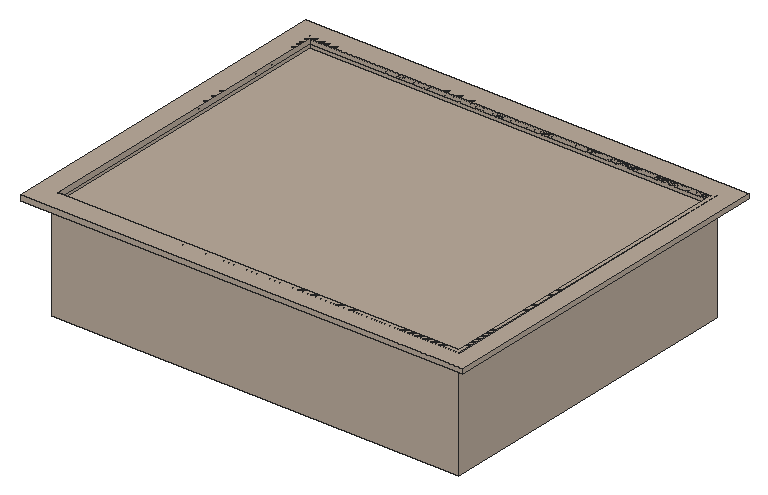
Revit family "Geräteeinsätze GES_Geräteeinsatz_Revisionsabdeckung ZES6", category Generic Models, Revit 2015
Parameters (values of type "ZES6-2 U10T 1019")
  URL = "http://www.obo-bettermann.com"
  Material = Plastic RAL 1019
  Manufacturer Art. No. = "7406751"
  Manufacturer = "OBO Bettermann"
  Height = 65 mm
  GTIN = "4012195901143"
  Article Type = "ZES6-2 U10T 1019"
Types (4, lengths in mm): name | Material | Manufacturer Art. No. | GTIN | Article Type
  (no name) | Plastic RAL 1019 | "7406751" | "4012195901143" | "ZES6-2 U10T 1019"
  ZES6-2 U10T 9011 | Plastic RAL 9011 | "7406750" | "4012195901136" | "ZES6-2 U10T 9011"
  ZES6-2 U10T 7011 | Plastic RAL 7011 | "7406749" | "4012195901129" | "ZES6-2 U10T 7011"
  ZES6-2 U10T 1019 | Plastic RAL 1019 | "7406751" | "4012195901143" | "ZES6-2 U10T 1019"
Reference planes
  plane 1 "Center (Front/Back)": y = 0
  plane 2: z = 0
  plane 3 "Center (Left/Right)": x = 0
  plane 4: z = -65
  plane 5: x = -136.96
  plane 6: x = 136.96
  plane 7: y = 110.5
  plane 8: y = -110.5
  plane 9: z = 3
  plane 10: y = 99.5
  plane 11: y = -99.5
  plane 12: x = -125.96
  plane 13: x = 125.96
  plane 14: y = 97.5
  plane 15: x = -123.96
  plane 16: x = 123.96
  plane 17: z = -2
  plane 18: x = -104.96
  plane 19: x = 104.96
  plane 20: y = -78.5
  plane 21: y = 78.5
  plane 22: z = -9
  plane 23: y = -118
  plane 24: y = -97.5
Forms (mm)
  Extrusion 1, solid, material "Plastic RAL 1019" <- "Material"
    sketch origin (0, 0, 0) x (1, 0, 0) y (0, 1, 0)
      loop
        line (-136.96, 110.5) -> (-136.96, -110.5) -> (136.96, -110.5) -> (136.96, 110.5) -> (-136.96, 110.5)
    from 3 to 0
  Extrusion 2, solid, material "Plastic RAL 1019" <- "Material"
    sketch origin (0, 0, 0) x (1, 0, 0) y (0, 1, 0)
      loop
        line (-125.96, 99.5) -> (-125.96, -99.5) -> (125.96, -99.5) -> (125.96, 99.5) -> (-125.96, 99.5)
    from -65 to 3
  Extrusion 3, void
    sketch origin (0, 0, 0) x (1, 0, 0) y (0, 1, 0)
      loop
        line (104.96, 78.5) -> (-104.96, 78.5) -> (-104.96, -78.5) -> (104.96, -78.5) -> (104.96, 78.5)
    from -65 to -9
  Extrusion 4, void
    sketch origin (0, 0, 0) x (1, 0, 0) y (0, 1, 0)
      loop
        line (123.96, 97.5) -> (-123.96, 97.5) -> (-123.96, -97.5) -> (123.96, -97.5) -> (123.96, 97.5)
    from -2 to 3
Cuts and joins
  Extrusion 3, Extrusion 4 cuts Extrusion 1
  Extrusion 3, Extrusion 4 cuts Extrusion 2
Lines and regions (mm)
  model lines
    curve 1: line (-136.96, -110.5, 0) -> (-136.96, 110.5, 0)
    curve 2: line (-136.96, 110.5, 0) -> (136.96, 110.5, 0)
    curve 3: line (136.96, 110.5, 0) -> (136.96, -110.5, 0)
    curve 4: line (136.96, -110.5, 0) -> (-136.96, -110.5, 0)
    curve 5: line (-125.96, 99.5, 0) -> (125.96, 99.5, 0)
    curve 6: line (125.96, 99.5, 0) -> (125.96, -99.5, 0)
    curve 7: line (125.96, -99.5, 0) -> (-125.96, -99.5, 0)
    curve 8: line (-125.96, -99.5, 0) -> (-125.96, 99.5, 0)
    curve 9: line (-123.96, 97.5, 0) -> (123.96, 97.5, 0)
    curve 10: line (123.96, 97.5, 0) -> (123.96, -97.5, 0)
    curve 11: line (-123.96, -97.5, 0) -> (-123.96, 97.5, 0)
    curve 12: line (-104.96, 78.5, 0) -> (-104.96, -78.5, 0)
    curve 13: line (-104.96, -78.5, 0) -> (104.96, -78.5, 0)
    curve 14: line (104.96, -78.5, 0) -> (104.96, 78.5, 0)
    curve 15: line (104.96, 78.5, 0) -> (-104.96, 78.5, 0)
    curve 16: line (-66.46, -118, 0) -> (-65.46, -118, 0)
    curve 17: line (-123.96, -97.5, 0) -> (123.96, -97.5, 0)
Dimensions and locks
  "Height": plane 4 to level
  locked: level to plane 9 at 3
  locked: plane 17 to plane 9 at 5
  locked: plane 22 to plane 9 at 12
  locked: plane 5 to plane 6 at 273.92
  locked: plane 7 to plane 8 at 221
  equal spacing: plane 12, plane 3 "Center (Left/Right)", plane 13
  locked: plane 12 to plane 13 at 251.92
  equal spacing: plane 10, plane 1 "Center (Front/Back)", plane 11
  locked: plane 10 to plane 11 at 199
  locked: plane 12 to plane 18 at 21
  locked: plane 19 to plane 13 at 21
  locked: plane 10 to plane 21 at 21
  locked: plane 7 to plane 14 at 13
  locked: plane 16 to plane 6 at 13
  locked: plane 5 to plane 15 at 13
  locked: plane 8 to plane 24 at 13
  locked: plane 20 to plane 11 at 21
  equal spacing: plane 7, plane 1 "Center (Front/Back)", plane 8
  locked: plane 6 to curve 6 at 11
  equal spacing: plane 5, plane 3 "Center (Left/Right)", plane 6
  aligned and locked: level to plane 2
  aligned and locked: plane 5 to curve 1
  aligned and locked: curve 2 to plane 7
  aligned and locked: curve 3 to plane 6
  aligned and locked: plane 8 to curve 4
  aligned and locked: Extrusion 1 sketch curve to curve 2
  aligned and locked: Extrusion 1 sketch curve to curve 3
  aligned and locked: Extrusion 1 sketch curve to curve 4
  aligned and locked: Extrusion 1 sketch curve to curve 1
  aligned and locked: Extrusion 1 to plane 9
  aligned and locked: level to Extrusion 1
  aligned and locked: curve 5 to plane 10
  aligned and locked: plane 11 to curve 7
  aligned and locked: plane 12 to curve 8
  aligned and locked: Extrusion 2 sketch curve to curve 5
  aligned and locked: Extrusion 2 sketch curve to curve 8
  aligned and locked: Extrusion 2 sketch curve to curve 7
  aligned and locked: Extrusion 2 to plane 4
  aligned and locked: plane 9 to Extrusion 2
  aligned and locked: curve 9 to plane 14
  aligned and locked: curve 10 to plane 16
  aligned and locked: plane 15 to curve 11
  aligned and locked: curve 12 to plane 18
  aligned and locked: curve 13 to plane 20
  aligned and locked: plane 19 to curve 14
  aligned and locked: plane 21 to curve 15
  aligned and locked: Extrusion 3 sketch curve to curve 15
  aligned and locked: Extrusion 3 sketch curve to curve 12
  aligned and locked: Extrusion 3 sketch curve to curve 13
  aligned and locked: Extrusion 3 sketch curve to curve 14
  aligned and locked: Extrusion 3 to plane 4
  aligned and locked: plane 22 to Extrusion 3
  aligned and locked: curve 16 to plane 23
  aligned and locked: curve 17 to curve 10
  aligned and locked: Extrusion 4 sketch curve to curve 9
  aligned and locked: Extrusion 4 sketch curve to curve 11
  aligned and locked: Extrusion 4 sketch curve to curve 17
  aligned and locked: Extrusion 4 sketch curve to curve 10
  aligned and locked: Extrusion 4 to plane 17
  aligned and locked: plane 9 to Extrusion 4
  aligned and locked: Extrusion 2 sketch curve to plane 13
Automatic sketch dimensions
  curve 12 to plane 18 = 0 mm
  plane 24 to curve 17 = 0 mm
  plane 18 to curve 16 = 38.5 mm
  curve 16 to curve 16 = 1 mm
